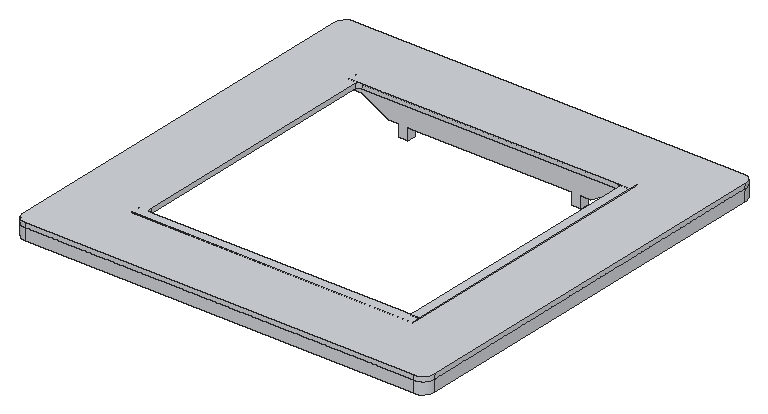
Revit family "Gira_0211095", category Electrical Fixtures, host Face, Revit 2017
Family settings
  Host = Face
  Maintain Annotation Orientation = No
  Round Connector Dimension = Use Diameter
  Part Type = Normal
  Cut with Voids When Loaded = No
  Shared = No
  Room Calculation Point = No
Parameters (values of type "Cov.fr. 1-g flat Gira E2 black m")
  URL = "http://katalog.gira.de/en/datenblatt.html?artikelnr=0211095"
  Transparent = "No"
  Name = "Cov.fr. 1-g flat Gira E2 black m"
  Manufacturer URL = "https://www.gira.de/"
  Manufacturer = "Gira"
  Label space/information surface = "No"
  Keynote = ""
  HeinzeBIM = "https://bimportal.heinze.de/bim/cov-fr-1-g-flat-gira-e2-black-m/3ce94f59026e6c3a12e356bc989b1d3af5b51190"
  HAN = "0211095"
  GTIN = "4010337036753"
  Description = "Cov.fr.1g flat E2 BKm,Gira E2 cover frame for flat installation,black matt,1-gang,"
  Default Elevation = 1219.2 mm
  Data sheet (1) = "https://katalog.gira.de/en/download.html?artikelnr=0211095"
  Category = "Cover frame for domestic switching devices"
  BIM (1) = "https://media.stage.bim.site/public/gira/36a6b08/E2flach_Rahmen_1fach.rfa"
  Available = "No"
Reference planes
  plane 1 "Center (Front/Back)": y = 0
  plane 2: z = 0
  plane 3 "Center (Left/Right)": x = 0
Forms (mm)
  Extrusion 1, solid, detail levels fine
    sketch origin (0, 0, 0) x (1, 0, 0) y (0, 1, 0)
      loop
        arc (-41.4, 43.9) -> (-43.168, 43.168) -> (-43.9, 41.4) r 2.5
        line (-43.9, 41.4) -> (-43.9, -41.4)
        arc (-43.9, -41.4) -> (-43.168, -43.168) -> (-41.4, -43.9) r 2.5
        line (-41.4, -43.9) -> (41.4, -43.9)
        arc (41.4, -43.9) -> (43.168, -43.168) -> (43.9, -41.4) r 2.5
        line (43.9, -41.4) -> (43.9, 41.4)
        arc (43.9, 41.4) -> (43.168, 43.168) -> (41.4, 43.9) r 2.5
        line (41.4, 43.9) -> (-41.4, 43.9)
      loop
        spline (-28.144, -27.245) -> (-28.136, -27.363) -> (-28.113, -27.478) -> (-28.075, -27.589) -> (-28.023, -27.695) -> (-27.958, -27.792) -> (-27.881, -27.881) -> (-27.792, -27.958) -> (-27.695, -28.023) -> (-27.589, -28.075) -> (-27.478, -28.113) -> (-27.363, -28.136) -> (-27.245, -28.144)
        line (-27.245, -28.144) -> (27.245, -28.144)
        spline (27.245, -28.144) -> (27.363, -28.136) -> (27.478, -28.113) -> (27.589, -28.075) -> (27.695, -28.023) -> (27.792, -27.958) -> (27.881, -27.881) -> (27.958, -27.792) -> (28.023, -27.695) -> (28.075, -27.589) -> (28.113, -27.478) -> (28.136, -27.363) -> (28.144, -27.245)
        line (28.144, -27.245) -> (28.144, 27.245)
        spline (28.144, 27.245) -> (28.136, 27.363) -> (28.113, 27.478) -> (28.075, 27.589) -> (28.023, 27.695) -> (27.958, 27.792) -> (27.881, 27.881) -> (27.792, 27.958) -> (27.695, 28.023) -> (27.589, 28.075) -> (27.478, 28.113) -> (27.363, 28.136) -> (27.245, 28.144)
        line (27.245, 28.144) -> (-27.245, 28.144)
        spline (-27.245, 28.144) -> (-27.363, 28.136) -> (-27.478, 28.113) -> (-27.589, 28.075) -> (-27.695, 28.023) -> (-27.792, 27.958) -> (-27.881, 27.881) -> (-27.958, 27.792) -> (-28.023, 27.695) -> (-28.075, 27.589) -> (-28.113, 27.478) -> (-28.136, 27.363) -> (-28.144, 27.245)
        line (-28.144, 27.245) -> (-28.144, -27.245)
    from 2.5 to 3.4
  Extrusion 2, solid, detail levels fine
    sketch origin (0, 0, 0) x (1, 0, 0) y (0, 1, 0)
      loop
        arc (-41.4, 43.9) -> (-43.168, 43.168) -> (-43.9, 41.4) r 2.5
        line (-43.9, 41.4) -> (-43.9, -41.4)
        arc (-43.9, -41.4) -> (-43.168, -43.168) -> (-41.4, -43.9) r 2.5
        line (-41.4, -43.9) -> (41.4, -43.9)
        arc (41.4, -43.9) -> (43.168, -43.168) -> (43.9, -41.4) r 2.5
        line (43.9, -41.4) -> (43.9, 41.4)
        arc (43.9, 41.4) -> (43.168, 43.168) -> (41.4, 43.9) r 2.5
        line (41.4, 43.9) -> (-41.4, 43.9)
      loop
        arc (-41.4, 43.4) -> (-42.814, 42.814) -> (-43.4, 41.4) r 2
        line (-43.4, 41.4) -> (-43.4, -41.4)
        arc (-43.4, -41.4) -> (-42.814, -42.814) -> (-41.4, -43.4) r 2
        line (-41.4, -43.4) -> (41.4, -43.4)
        arc (41.4, -43.4) -> (42.814, -42.814) -> (43.4, -41.4) r 2
        line (43.4, -41.4) -> (43.4, 41.4)
        arc (43.4, 41.4) -> (42.814, 42.814) -> (41.4, 43.4) r 2
        line (41.4, 43.4) -> (-41.4, 43.4)
    from 0 to 2.5
  Extrusion 3, solid, detail levels fine
    sketch origin (0, 0, 0) x (1, 0, 0) y (0, 0, 1)
      loop
        line (-17.5, -4.06) -> (-17.5, -1.56) -> (17.5, -1.56) -> (17.5, -4.06) -> (19.5, -4.06) -> (19.5, -1.56) -> (21.654, -1.56) -> (27.214, 1.65) -> (30, 1.65) -> (30, 3.4) -> (-30, 3.4) -> (-30, 1.65) -> (-27.214, 1.65) -> (-21.654, -1.56) -> (-19.5, -1.56) -> (-19.5, -4.06) -> (-17.5, -4.06)
    from 28.144 to 30
  Extrusion 4, solid, detail levels fine
    sketch origin (0, 0, 0) x (0, -1, 0) y (0, 0, -1)
      loop
        line (-17.5, 4.06) -> (-19.5, 4.06) -> (-19.5, 1.56) -> (-21.654, 1.56) -> (-27.214, -1.65) -> (-28.144, -1.65) -> (-28.144, -3.4) -> (28.144, -3.4) -> (28.144, -1.65) -> (27.214, -1.65) -> (21.654, 1.56) -> (19.5, 1.56) -> (19.5, 4.06) -> (17.5, 4.06) -> (17.5, 1.56) -> (-17.5, 1.56) -> (-17.5, 4.06)
    from 28.144 to 30
  Extrusion 5, solid, detail levels medium
    sketch origin (0, 0, 0) x (0, -1, 0) y (0, 0, 1)
      loop
        line (-17.5, -4.06) -> (-17.5, -1.56) -> (17.5, -1.56) -> (17.5, -4.06) -> (19.5, -4.06) -> (19.5, -1.56) -> (28.144, -1.56) -> (28.144, 3.4) -> (-28.144, 3.4) -> (-28.144, -1.56) -> (-19.5, -1.56) -> (-19.5, -4.06) -> (-17.5, -4.06)
    from 28.144 to 30
  Extrusion 6, solid, detail levels fine
    sketch origin (0, 0, 0) x (1, 0, 0) y (0, 0, -1)
      loop
        line (-17.5, 4.06) -> (-19.5, 4.06) -> (-19.5, 1.56) -> (-21.654, 1.56) -> (-27.214, -1.65) -> (-30, -1.65) -> (-30, -3.4) -> (30, -3.4) -> (30, -1.65) -> (27.214, -1.65) -> (21.654, 1.56) -> (19.5, 1.56) -> (19.5, 4.06) -> (17.5, 4.06) -> (17.5, 1.56) -> (-17.5, 1.56) -> (-17.5, 4.06)
    from 28.144 to 30
  Extrusion 7, solid, detail levels coarse
    sketch origin (0, 0, 0) x (1, 0, 0) y (0, 1, 0)
      loop
        line (-43.9, 43.9) -> (-43.9, -43.9) -> (43.9, -43.9) -> (43.9, 43.9) -> (-43.9, 43.9)
    from -4.06 to 3.4
  Extrusion 8, solid, detail levels medium
    sketch origin (0, 0, 0) x (1, 0, 0) y (0, 1, 0)
      loop
        line (-43.9, 43.9) -> (-43.9, -43.9) -> (43.9, -43.9) -> (43.9, 43.9) -> (-43.9, 43.9)
    from 0 to 3.4
  Extrusion 9, solid, detail levels medium
    sketch origin (0, 0, 0) x (1, 0, 0) y (0, 0, 1)
      loop
        line (-17.5, -4.06) -> (-17.5, -1.56) -> (17.5, -1.56) -> (17.5, -4.06) -> (19.5, -4.06) -> (19.5, -1.56) -> (30, -1.56) -> (30, 3.4) -> (-30, 3.4) -> (-30, -1.56) -> (-19.5, -1.56) -> (-19.5, -4.06) -> (-17.5, -4.06)
    from 28.144 to 30
  Extrusion 10, solid, detail levels medium
    sketch origin (0, 0, 0) x (1, 0, 0) y (0, 0, -1)
      loop
        line (-17.5, 4.06) -> (-19.5, 4.06) -> (-19.5, 1.56) -> (-30, 1.56) -> (-30, -3.4) -> (30, -3.4) -> (30, 1.56) -> (19.5, 1.56) -> (19.5, 4.06) -> (17.5, 4.06) -> (17.5, 1.56) -> (-17.5, 1.56) -> (-17.5, 4.06)
    from 28.144 to 30
  Extrusion 11, solid, detail levels medium
    sketch origin (0, 0, 0) x (0, -1, 0) y (0, 0, -1)
      loop
        line (-17.5, 4.06) -> (-19.5, 4.06) -> (-19.5, 1.56) -> (-28.144, 1.56) -> (-28.144, -3.4) -> (28.144, -3.4) -> (28.144, 1.56) -> (19.5, 1.56) -> (19.5, 4.06) -> (17.5, 4.06) -> (17.5, 1.56) -> (-17.5, 1.56) -> (-17.5, 4.06)
    from 28.144 to 30
Dimensions and locks
  aligned and locked: plane 2 to host face
  aligned and locked: level to host face
